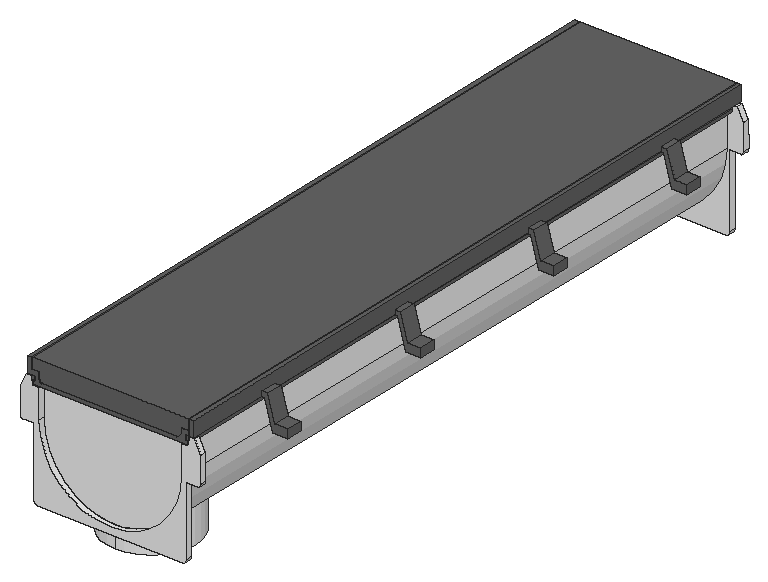
Revit family "Trench_Drain_System-Watts-Dead_Level-DX", category Plumbing Fixtures, host Face, Revit 2014
Parameters (values of type "DLX-1A")
  Width = 11 5/8"
  Waste Connection = yes
  WFU = 0
  Vent Connection = no
  URL = "http://www.watts.com"
  Region = "North America"  # constant formula
  Radius = 9" / 32  # 9/32"
  Product Page URL = "http://www.watts.com/pages/_products_details.asp?pid=7215"
  Product Documentation Link = "http://media.wattswater.com/ES-WD-DeadLevel-DX.pdf"
  Model = "DLX-1A"
  Material = "Metal-WATTS-Ductile Iron"  # constant formula
  Manufacturer Product Line = "Drainage Products"  # constant formula
  Manufacturer = "WATTS"  # constant formula
  Length = 48"
  HWFU = 0
  HW Connection = no
  Grate Material = Metal-WATTS-Ductile Iron
  Grate Array Spacing = 1 123/256"  # constant formula
  Grate Array Dist. = 123/256"
  Grate Array = (Length / Grate Array Spacing)  # 32
  Optional End Caps [instance] = no
  Country = "United States"  # constant formula
  Connection Type = "No Hub Connection"  # constant formula
  Connection Size = Connection Radius * 2  # 6"
  CWFU = 0
  Description = "Watts Dead Level DX Pre-Sloped Trench Drain System with 12 in.(305mm) wide x 48 in.(1219mm) long (standard) ductile iron frame, UV stabilized talc-filled polypropylene channels with 6 in.(152mm) No Hub Bottom or End outlet(s). System shall be frame-anchored, with (specify) grating to suit DIN Class (specify) load rating. System to include frame connectors, grate lockdowns, and construction covers. Installation to be performed in accordance with manufacturer's instructions and building code."
  Default Elevation = 0"
  Connection Radius = 3"
  CW Connection = no
  B - Height = 9.063"
  Assembly Code = "D2030"
  Anchor Lug Dist From Front = 6 1/2"
  Anchor Lug Array Spacing = 11.66667"
  Anchor Lug Array = (Length / Anchor Lug Array Spacing)  # 4
  A - Height = 8 3/4"
  -GDI Galvanized Ductile Iron = no
  -DI-ADA Ductile Iron ADA grate = no
  -DI Ductile Iron Grate = no
  - SCI Solid Cast Iron = no
  - RSS Reinforced Stainless Steel Slotted = no
  - RSP Reinforced Stainless Steel Perforated = no
  - RGS Reinforced Galvanized Slotted = no
  - RGP Reinforced Galvanized Perforated = no
Types (39): name | Model | Length | Grate Array Dist. | Grate Array | B - Height | Anchor Lug Dist From Front | Anchor Lug Array Spacing | Anchor Lug Array | A - Height
  (no name) | "DLX-1A" | 48" | 123/256" | 32 | 9.063" | 6 1/2" | 11.66667" | 4 | 8 3/4"
  DLX-1A | "DLX-1A" | 48" | 123/256" | 32 | 9.063" | 6 1/2" | 11.66667" | 4 | 8 3/4"
  DLX-2A | "DLX-2A" | 48" | 1/2" | 32 | 9 3/8" | 6 1/2" | 11.66667" | 4 | 9.063"
  DLX-3A | "DLX-3A" | 48" | 1/2" | 32 | 9.688" | 6 1/2" | 11.66667" | 4 | 9 3/8"
  DLX-4A | "DLX-4A" | 48" | 1/2" | 32 | 10" | 6 1/2" | 11.66667" | 4 | 9.688"
  DLX-5A | "DLX-5A" | 48" | 1/2" | 32 | 10.313" | 6 1/2" | 11.66667" | 4 | 10"
  DLX-AB-N12 | "DLX-AB-N12" | 12" | 1/2" | 8 | 10.313" | 2" | 8" | 2 | 10.313"
  DLX-AB-N24 | "DLX-AB-N24" | 24" | 1/2" | 16 | 10.313" | 6 1/2" | 11.66667" | 2 | 10.313"
  DLX-AB-N36 | "DLX-AB-N36" | 36" | 1/2" | 24 | 10.313" | 6 1/2" | 11.66667" | 3 | 10.313"
  DLX-AB-N48 | "DLX-AB-N48" | 48" | 1/2" | 32 | 10.313" | 6 1/2" | 11.66667" | 4 | 10.313"
  DLX-1B | "DLX-1B" | 48" | 1/2" | 32 | 10 5/8" | 6 1/2" | 11.66667" | 4 | 10.313"
  DLX-2B | "DLX-2B" | 48" | 1/2" | 32 | 10.938" | 6 1/2" | 11.66667" | 4 | 10 5/8"
  DLX-3B | "DLX-3B" | 48" | 1/2" | 32 | 11 1/4" | 6 1/2" | 11.66667" | 4 | 10.938"
  DLX-4B | "DLX-4B" | 48" | 1/2" | 32 | 11.563" | 6 1/2" | 11.66667" | 4 | 11 1/4"
  DLX-5B | "DLX-5B" | 48" | 1/2" | 32 | 11 7/8" | 6 1/2" | 11.66667" | 4 | 11.563"
  DLX-BC-N12 | "DLX-BC-N12" | 12" | 1/2" | 8 | 11 7/8" | 2" | 8" | 2 | 11 7/8"
  DLX-BC-N24 | "DLX-BC-N24" | 24" | 1/2" | 16 | 11 7/8" | 6 1/2" | 11.66667" | 2 | 11 7/8"
  DLX-BC-N36 | "DLX-BC-N36" | 36" | 1/2" | 24 | 11 7/8" | 6 1/2" | 11.66667" | 3 | 11 7/8"
  DLX-BC-N48 | "DLX-BC-N48" | 48" | 1/2" | 32 | 11 7/8" | 6 1/2" | 11.66667" | 4 | 11 7/8"
  DLX-1C | "DLX-1C" | 48" | 1/2" | 32 | 12 3/16" | 6 1/2" | 11.66667" | 4 | 11 7/8"
  DLX-2C | "DLX-2C" | 48" | 1/2" | 32 | 12 1/2" | 6 1/2" | 11.66667" | 4 | 12 3/16"
  DLX-3C | "DLX-3C" | 48" | 1/2" | 32 | 12 13/16" | 6 1/2" | 11.66667" | 4 | 12 1/2"
  DLX-AA-N48 | "DLX-AA-N48" | 48" | 123/256" | 32 | 8 3/4" | 6 1/2" | 11 171/256" | 4 | 8 3/4"
  DLX-1D | "DLX-1D" | 48" | 1/2" | 32 | 13 3/4" | 6 1/2" | 11.66667" | 4 | 13 7/16"
  DLX-1E | "DLX-1E" | 48" | 1/2" | 32 | 15 5/16" | 6 1/2" | 11.66667" | 4 | 15"
  DLX-2D | "DLX-2D" | 48" | 1/2" | 32 | 14 1/16" | 6 1/2" | 11.66667" | 4 | 13 3/4"
  DLX-2E | "DLX-2E" | 48" | 1/2" | 32 | 15 5/8" | 6 1/2" | 11.66667" | 4 | 15 5/16"
  DLX-3D | "DLX-3D" | 48" | 1/2" | 32 | 14 3/8" | 6 1/2" | 11.66667" | 4 | 14 1/16"
  DLX-3E | "DLX-3E" | 48" | 1/2" | 32 | 15 15/16" | 6 1/2" | 11.66667" | 4 | 15 5/8"
  DLX-4C | "DLX-4C" | 48" | 1/2" | 32 | 13 1/8" | 6 1/2" | 11.66667" | 4 | 13 13/16"
  DLX-4D | "DLX-4D" | 48" | 1/2" | 32 | 14 11/16" | 6 1/2" | 11.66667" | 4 | 14 3/8"
  DLX-5C | "DLX-5C" | 48" | 1/2" | 32 | 13 7/16" | 6 1/2" | 11.66667" | 4 | 13 1/8"
  DLX-5D | "DLX-5D" | 48" | 1/2" | 32 | 15" | 6 1/2" | 11.66667" | 4 | 14 11/16"
  DLX-5E | "DLX-5E" | 48" | 1/2" | 32 | 16 9/16" | 6 1/2" | 11.66667" | 4 | 16 1/4"
  DLX-CD-N12 | "DLX-CD-N12" | 12" | 1/2" | 8 | 13 7/16" | 2" | 8" | 2 | 13 7/16"
  DLX-CD-N24 | "DLX-CD-N24" | 24" | 1/2" | 16 | 13 7/16" | 6 1/2" | 11 171/256" | 2 | 13 7/16"
  DLX-CD-N36 | "DLX-CD-N36" | 36" | 1/2" | 24 | 13 7/16" | 6 1/2" | 11 171/256" | 3 | 13 7/16"
  DLX-CD-N48 | "DLX-CD-N48" | 48" | 1/2" | 32 | 13 7/16" | 6 1/2" | 11 171/256" | 4 | 13 7/16"
  DLX-DE-N48 | "DLX-DE-N48" | 48" | 1/2" | 32 | 15" | 6 1/2" | 11 171/256" | 4 | 15"
Reference planes (in)
  plane 1 "Center (Front/Back)": y = 0
  plane 2: z = 0
  plane 3 "Center (Left/Right)": x = 0
  plane 4: y = -3.56527
  plane 5: y = 44.43473
  plane 6: y = 2.93473
  plane 7: x = 5.8125
  plane 8: x = -5.8125
  plane 9: x = 5.5
  plane 10: x = -5.5
  plane 11: x = 5
  plane 12: x = -5
  plane 13: x = 7.9375
  plane 14: z = -9.1875
  plane 15: z = -8.75
  plane 16: y = -3.19027
  plane 17: y = 44.05973
  plane 18: z = -9.5005
  plane 19: z = -9.063
  plane 20: z = -8.75
  plane 21: z = -10.3125
  plane 22: x = -5.125
  plane 23: x = 5.125
  plane 24: x = -5.125
  plane 25: x = 5.125
  plane 26: z = -8.875
  plane 27: y = -1.55006
  plane 28: y = 42.43473
  plane 29: y = -3.94027
  plane 30: y = 44.80973
  plane 31: y = -5.94027
  plane 32: z = -1.41383
  plane 33: z = -4.05342
Forms (in)
  Extrusion 1, solid, material "Metal-WATTS-Ductile Iron" <- "Grate Material"
    sketch origin (0, 0, 0) x (1, 0, 0) y (0, 0, 1)
      loop
        line (-5.8125, 0) -> (-5.8125, -1.08777) -> (-5.3125, -1.08777) -> (-5.3125, -1.41383) -> (-5.44559, -1.41383) -> (-5.44559, -1.66383) -> (5.44559, -1.66383) -> (5.44559, -1.41383) -> (5.3125, -1.41383) -> (5.3125, -1.08777) -> (5.8125, -1.08777) -> (5.8125, 0) -> (5.5, 0) -> (5.5, -0.75) -> (5, -0.75) -> (5, -1.01646)
        arc (5, -1.01646) -> (4.88361, -1.29744) -> (4.60263, -1.41383) r 0.39737
        line (4.60263, -1.41383) -> (-4.75, -1.41383)
        arc (-4.75, -1.41383) -> (-4.92678, -1.3406) -> (-5, -1.16383) r 0.25
        line (-5, -1.16383) -> (-5, -0.75) -> (-5.5, -0.75) -> (-5.5, 0) -> (-5.8125, 0)
    from -44.43473 to 3.56527
  Extrusion 2, void
    sketch origin (0, 0, 0) x (1, 0, 0) y (0, 1, 0)
      loop
        line (-2.18592, 43.68473) -> (-2.18592, -2.81527) -> (2.18592, -2.81527) -> (2.18592, 43.68473) -> (-2.18592, 43.68473)
    from -1.66383 to -0.75
  Extrusion 3, solid, material "Metal-WATTS-Ductile Iron" <- "Grate Material"
    sketch origin (0, 0, 0) x (1, 0, 0) y (0, 1, 0)
      loop
        line (-5.5, 44.43473) -> (-5.5, -3.56527) -> (5.5, -3.56527) -> (5.5, 44.43473) -> (-5.5, 44.43473)
    from -1.41383 to 0
  Extrusion 4, solid, material "Plastic-WATTS-Polypropylene"
    sketch origin (-0.19171, 44.45016, -16.10465) x (1, 0, 0) y (0, 0, 1)
      loop
        line (6.08188, 14.94082) -> (5.51758, 14.94082) -> (5.51758, 14.69082) -> (5.6373, 14.69082) -> (5.6373, 14.35743) -> (5.19171, 14.35743) -> (5.19171, 12.35465)
        arc (5.19171, 12.35465) -> (0.19171, 7.35465) -> (-4.80829, 12.35465) r 5
        line (-4.80829, 12.35465) -> (-4.80829, 14.35743) -> (-5.25388, 14.35743) -> (-5.25388, 14.69082) -> (-5.13416, 14.69082) -> (-5.13416, 14.94082) -> (-5.69846, 14.94082) -> (-6.13555, 14.08297) -> (-6.13555, 12.24066)
        arc (-6.13555, 12.24066) -> (-6.07119, 12.08526) -> (-5.91578, 12.02089) r 0.21977
        line (-5.91578, 12.02089) -> (-5.16578, 12.02089) -> (-5.16578, 7.19818)
        arc (-5.16578, 7.19818) -> (-5.08347, 6.99946) -> (-4.88475, 6.91715) r 0.28103
        line (-4.88475, 6.91715) -> (5.26817, 6.91715)
        arc (5.26817, 6.91715) -> (5.46689, 6.99946) -> (5.5492, 7.19818) r 0.28103
        line (5.5492, 7.19818) -> (5.5492, 12.02089) -> (6.2992, 12.02089)
        arc (6.2992, 12.02089) -> (6.45461, 12.08526) -> (6.51897, 12.24066) r 0.21977
        line (6.51897, 12.24066) -> (6.51897, 14.08297) -> (6.08188, 14.94082)
    from 47.64043 to 48.01543
  Extrusion 5, solid, material "Plastic-WATTS-Polypropylene"
    sketch origin (-0.19171, 11.09627, -7.90863) x (0, -1, 0) y (-1, 0, 0)
      loop
        circle (11.09627, -0.19171) r 3.125
    from -3.85521 to 2.40387
  Blend 6, solid, material "Plastic-WATTS-Polypropylene"
    base sketch origin (0, 0, 0) x (1, 0, 0) y (0, 0, 1)
      loop
        line (-5.125, -1.74722) -> (-5.125, -3.75)
        arc (-5.125, -3.75) -> (0, -8.875) -> (5.125, -3.75) r 5.125
        line (5.125, -3.75) -> (5.125, -1.74722) -> (-5.125, -1.74722)
    top sketch origin (0, 0, 0) x (1, 0, 0) y (0, 0, 1)
      loop
        line (5.125, -4.063) -> (5.125, -1.74722) -> (-5.125, -1.74722) -> (-5.125, -4.063)
        arc (-5.125, -4.063) -> (0, -9.188) -> (5.125, -4.063) r 5.125
    from 3.19027 to -44.05973
  Extrusion 7, solid, material "Plastic-WATTS-Polypropylene", visible <- "Optional End Caps"
    sketch origin (0, 0, 0) x (1, 0, 0) y (0, 0, 1)
      loop
        line (-6.32726, -0.25) -> (-6.32726, -3.86399)
        arc (-6.32726, -3.86399) -> (-6.2629, -4.01939) -> (-6.10749, -4.08376) r 0.21977
        line (-6.10749, -4.08376) -> (-5.35749, -4.08376) -> (-5.35749, -8.90647)
        arc (-5.35749, -8.90647) -> (-5.27518, -9.10519) -> (-5.07646, -9.1875) r 0.28103
        line (-5.07646, -9.1875) -> (5.07646, -9.1875)
        arc (5.07646, -9.1875) -> (5.27518, -9.10519) -> (5.35749, -8.90647) r 0.28103
        line (5.35749, -8.90647) -> (5.35749, -4.08376) -> (6.10749, -4.08376)
        arc (6.10749, -4.08376) -> (6.2629, -4.01939) -> (6.32726, -3.86399) r 0.21977
        line (6.32726, -3.86399) -> (6.32726, -0.25)
        arc (6.32726, -0.25) -> (6.25404, -0.07322) -> (6.07726, 0) r 0.25
        line (6.07726, 0) -> (-6.07726, 0)
        arc (-6.07726, 0) -> (-6.25404, -0.07322) -> (-6.32726, -0.25) r 0.25
    from 3.56527 to 3.94027
  Extrusion 8, solid, material "Plastic-WATTS-Polypropylene", visible <- "Optional End Caps"
    sketch origin (0, 0, 0) x (1, 0, 0) y (0, 0, 1)
      loop
        circle (0, -5.6255) r 3
    from 3.94027 to 5.94027
  Extrusion 9, void
    sketch origin (0, 0, 0) x (1, 0, 0) y (0, 0, 1)
      loop
        circle (0, -5.6255) r 3
    from -44.80973 to -44.43473
  Extrusion 10, solid, material "Plastic-WATTS-Polypropylene"
    sketch origin (-0.19171, 92.07516, -16.10465) x (1, 0, 0) y (0, 0, 1)
      loop
        line (6.51897, 14.08297) -> (6.08188, 14.94082) -> (5.51758, 14.94082) -> (5.51758, 14.69082) -> (5.6373, 14.69082) -> (5.6373, 14.35743) -> (5.19171, 14.35743) -> (5.19171, 11.91715)
        arc (5.19171, 11.91715) -> (0.19171, 6.91715) -> (-4.80829, 11.91715) r 5
        line (-4.80829, 11.91715) -> (-4.80829, 14.35743) -> (-5.25388, 14.35743) -> (-5.25388, 14.69082) -> (-5.13416, 14.69082) -> (-5.13416, 14.94082) -> (-5.69846, 14.94082) -> (-6.13555, 14.08297) -> (-6.13555, 12.24066)
        arc (-6.13555, 12.24066) -> (-6.07119, 12.08526) -> (-5.91578, 12.02089) r 0.21977
        line (-5.91578, 12.02089) -> (-5.16528, 12.02089) -> (-5.16528, 6.8854)
        arc (-5.16528, 6.8854) -> (-5.08291, 6.68652) -> (-4.88403, 6.60415) r 0.28125
        line (-4.88403, 6.60415) -> (5.26795, 6.60415)
        arc (5.26795, 6.60415) -> (5.46683, 6.68652) -> (5.5492, 6.8854) r 0.28125
        line (5.5492, 6.8854) -> (5.5492, 12.02089) -> (6.2992, 12.02089)
        arc (6.2992, 12.02089) -> (6.45461, 12.08526) -> (6.51897, 12.24066) r 0.21977
        line (6.51897, 12.24066) -> (6.51897, 14.08297)
    from 47.64043 to 48.01543
  Extrusion 11, solid, material "Plastic-WATTS-Polypropylene", visible <- "Optional End Caps"
    sketch origin (0, 0, 0) x (1, 0, 0) y (0, 0, 1)
      loop
        line (-6.32726, -0.25) -> (-6.32726, -3.86399)
        arc (-6.32726, -3.86399) -> (-6.2629, -4.01939) -> (-6.10749, -4.08376) r 0.21977
        line (-6.10749, -4.08376) -> (-5.35749, -4.08376) -> (-5.35749, -9.21925)
        arc (-5.35749, -9.21925) -> (-5.27512, -9.41812) -> (-5.07624, -9.5005) r 0.28125
        line (-5.07624, -9.5005) -> (5.07624, -9.5005)
        arc (5.07624, -9.5005) -> (5.27512, -9.41812) -> (5.35749, -9.21925) r 0.28125
        line (5.35749, -9.21925) -> (5.35749, -4.08376) -> (6.10749, -4.08376)
        arc (6.10749, -4.08376) -> (6.2629, -4.01939) -> (6.32726, -3.86399) r 0.21977
        line (6.32726, -3.86399) -> (6.32726, -0.25)
        arc (6.32726, -0.25) -> (6.25404, -0.07322) -> (6.07726, 0) r 0.25
        line (6.07726, 0) -> (-6.07726, 0)
        arc (-6.07726, 0) -> (-6.25404, -0.07322) -> (-6.32726, -0.25) r 0.25
    from -44.80973 to -44.43473
Cuts and joins
  Extrusion 9 cuts Extrusion 4
  Extrusion 9 cuts Blend 6
  joined: Extrusion 4, Blend 6
  Extrusion 2 cuts Extrusion 1
  Extrusion 9 cuts Extrusion 5
  Extrusion 9 cuts Extrusion 7
  Extrusion 9 cuts Extrusion 8
  Extrusion 9 cuts Extrusion 11
Lines and regions (in)
  Masking region 1
    outline origin (0, 0, 0) x (1, 0, 0) y (0, 1, 0)
      loop
        line (-5.8125, -3.56527) -> (5.8125, -3.56527) -> (5.8125, 44.43473) -> (-5.8125, 44.43473) -> (-5.8125, -3.56527)
  model lines, style "PlumbingFixtures", detail levels medium+fine
    curve 1: line (-5.5, -3.56527, 0) -> (-5.5, 44.43473, 0)
    curve 2: line (5.5, 44.43473, 0) -> (5.5, -3.56527, 0)
  model lines, detail levels fine
    curve 3: line (-5, -3.19027, 0) -> (-0.375, -3.19027, 0)
    curve 4: line (-5, -2.19027, 0) -> (-5, -3.19027, 0)
    curve 5: line (-0.375, -2.19027, 0) -> (-5, -2.19027, 0)
    curve 6: line (-0.375, -3.19027, 0) -> (-0.375, -2.19027, 0)
    curve 7: line (5, -3.19027, 0) -> (0.375, -3.19027, 0)
    curve 8: line (5, -2.19027, 0) -> (5, -3.19027, 0)
    curve 9: line (0.375, -2.19027, 0) -> (5, -2.19027, 0)
    curve 10: line (0.375, -3.19027, 0) -> (0.375, -2.19027, 0)
    curve 11: line (-5, -1.7098, 0) -> (-0.375, -1.7098, 0)
    curve 12: line (-5, -0.7098, 0) -> (-5, -1.7098, 0)
    curve 13: line (-0.375, -0.7098, 0) -> (-5, -0.7098, 0)
    curve 14: line (-0.375, -1.7098, 0) -> (-0.375, -0.7098, 0)
    curve 15: line (5, -1.7098, 0) -> (0.375, -1.7098, 0)
    curve 16: line (5, -0.7098, 0) -> (5, -1.7098, 0)
    curve 17: line (0.375, -0.7098, 0) -> (5, -0.7098, 0)
    curve 18: line (0.375, -1.7098, 0) -> (0.375, -0.7098, 0)
    curve 19: line (-5, -0.22934, 0) -> (-0.375, -0.22934, 0)
    curve 20: line (-5, 0.77066, 0) -> (-5, -0.22934, 0)
    curve 21: line (-0.375, 0.77066, 0) -> (-5, 0.77066, 0)
    curve 22: line (-0.375, -0.22934, 0) -> (-0.375, 0.77066, 0)
    curve 23: line (5, -0.22934, 0) -> (0.375, -0.22934, 0)
    curve 24: line (5, 0.77066, 0) -> (5, -0.22934, 0)
    curve 25: line (0.375, 0.77066, 0) -> (5, 0.77066, 0)
    curve 26: line (0.375, -0.22934, 0) -> (0.375, 0.77066, 0)
    curve 27: line (-5, 1.25113, 0) -> (-0.375, 1.25113, 0)
    curve 28: line (-5, 2.25113, 0) -> (-5, 1.25113, 0)
    curve 29: line (-0.375, 2.25113, 0) -> (-5, 2.25113, 0)
    curve 30: line (-0.375, 1.25113, 0) -> (-0.375, 2.25113, 0)
    curve 31: line (5, 1.25113, 0) -> (0.375, 1.25113, 0)
    curve 32: line (5, 2.25113, 0) -> (5, 1.25113, 0)
    curve 33: line (0.375, 2.25113, 0) -> (5, 2.25113, 0)
    curve 34: line (0.375, 1.25113, 0) -> (0.375, 2.25113, 0)
    curve 35: line (-5, 2.7316, 0) -> (-0.375, 2.7316, 0)
    curve 36: line (-5, 3.7316, 0) -> (-5, 2.7316, 0)
    curve 37: line (-0.375, 3.7316, 0) -> (-5, 3.7316, 0)
    curve 38: line (-0.375, 2.7316, 0) -> (-0.375, 3.7316, 0)
    curve 39: line (5, 2.7316, 0) -> (0.375, 2.7316, 0)
    curve 40: line (5, 3.7316, 0) -> (5, 2.7316, 0)
    curve 41: line (0.375, 3.7316, 0) -> (5, 3.7316, 0)
    curve 42: line (0.375, 2.7316, 0) -> (0.375, 3.7316, 0)
    curve 43: line (-5, 4.21207, 0) -> (-0.375, 4.21207, 0)
    curve 44: line (-5, 5.21207, 0) -> (-5, 4.21207, 0)
    curve 45: line (-0.375, 5.21207, 0) -> (-5, 5.21207, 0)
    curve 46: line (-0.375, 4.21207, 0) -> (-0.375, 5.21207, 0)
    curve 47: line (5, 4.21207, 0) -> (0.375, 4.21207, 0)
    curve 48: line (5, 5.21207, 0) -> (5, 4.21207, 0)
    curve 49: line (0.375, 5.21207, 0) -> (5, 5.21207, 0)
    curve 50: line (0.375, 4.21207, 0) -> (0.375, 5.21207, 0)
    curve 51: line (-5, 5.69254, 0) -> (-0.375, 5.69254, 0)
    curve 52: line (-5, 6.69254, 0) -> (-5, 5.69254, 0)
    curve 53: line (-0.375, 6.69254, 0) -> (-5, 6.69254, 0)
    curve 54: line (-0.375, 5.69254, 0) -> (-0.375, 6.69254, 0)
    curve 55: line (5, 5.69254, 0) -> (0.375, 5.69254, 0)
    curve 56: line (5, 6.69254, 0) -> (5, 5.69254, 0)
    curve 57: line (0.375, 6.69254, 0) -> (5, 6.69254, 0)
    curve 58: line (0.375, 5.69254, 0) -> (0.375, 6.69254, 0)
    curve 59: line (-5, 7.17301, 0) -> (-0.375, 7.17301, 0)
    curve 60: line (-5, 8.17301, 0) -> (-5, 7.17301, 0)
    curve 61: line (-0.375, 8.17301, 0) -> (-5, 8.17301, 0)
    curve 62: line (-0.375, 7.17301, 0) -> (-0.375, 8.17301, 0)
    curve 63: line (5, 7.17301, 0) -> (0.375, 7.17301, 0)
    curve 64: line (5, 8.17301, 0) -> (5, 7.17301, 0)
    curve 65: line (0.375, 8.17301, 0) -> (5, 8.17301, 0)
    curve 66: line (0.375, 7.17301, 0) -> (0.375, 8.17301, 0)
    curve 67: line (-5, 8.65348, 0) -> (-0.375, 8.65348, 0)
    curve 68: line (-5, 9.65348, 0) -> (-5, 8.65348, 0)
    curve 69: line (-0.375, 9.65348, 0) -> (-5, 9.65348, 0)
    curve 70: line (-0.375, 8.65348, 0) -> (-0.375, 9.65348, 0)
    curve 71: line (5, 8.65348, 0) -> (0.375, 8.65348, 0)
    curve 72: line (5, 9.65348, 0) -> (5, 8.65348, 0)
    curve 73: line (0.375, 9.65348, 0) -> (5, 9.65348, 0)
    curve 74: line (0.375, 8.65348, 0) -> (0.375, 9.65348, 0)
    curve 75: line (-5, 10.13395, 0) -> (-0.375, 10.13395, 0)
    curve 76: line (-5, 11.13395, 0) -> (-5, 10.13395, 0)
    curve 77: line (-0.375, 11.13395, 0) -> (-5, 11.13395, 0)
    curve 78: line (-0.375, 10.13395, 0) -> (-0.375, 11.13395, 0)
    curve 79: line (5, 10.13395, 0) -> (0.375, 10.13395, 0)
    curve 80: line (5, 11.13395, 0) -> (5, 10.13395, 0)
    curve 81: line (0.375, 11.13395, 0) -> (5, 11.13395, 0)
    curve 82: line (0.375, 10.13395, 0) -> (0.375, 11.13395, 0)
    curve 83: line (-5, 11.61441, 0) -> (-0.375, 11.61441, 0)
    curve 84: line (-5, 12.61441, 0) -> (-5, 11.61441, 0)
    curve 85: line (-0.375, 12.61441, 0) -> (-5, 12.61441, 0)
    curve 86: line (-0.375, 11.61441, 0) -> (-0.375, 12.61441, 0)
    curve 87: line (5, 11.61441, 0) -> (0.375, 11.61441, 0)
    curve 88: line (5, 12.61441, 0) -> (5, 11.61441, 0)
    curve 89: line (0.375, 12.61441, 0) -> (5, 12.61441, 0)
    curve 90: line (0.375, 11.61441, 0) -> (0.375, 12.61441, 0)
    curve 91: line (-5, 13.09488, 0) -> (-0.375, 13.09488, 0)
    curve 92: line (-5, 14.09488, 0) -> (-5, 13.09488, 0)
    curve 93: line (-0.375, 14.09488, 0) -> (-5, 14.09488, 0)
    curve 94: line (-0.375, 13.09488, 0) -> (-0.375, 14.09488, 0)
    curve 95: line (5, 13.09488, 0) -> (0.375, 13.09488, 0)
    curve 96: line (5, 14.09488, 0) -> (5, 13.09488, 0)
    curve 97: line (0.375, 14.09488, 0) -> (5, 14.09488, 0)
    curve 98: line (0.375, 13.09488, 0) -> (0.375, 14.09488, 0)
    curve 99: line (-5, 14.57535, 0) -> (-0.375, 14.57535, 0)
    curve 100: line (-5, 15.57535, 0) -> (-5, 14.57535, 0)
    curve 101: line (-0.375, 15.57535, 0) -> (-5, 15.57535, 0)
    curve 102: line (-0.375, 14.57535, 0) -> (-0.375, 15.57535, 0)
    curve 103: line (5, 14.57535, 0) -> (0.375, 14.57535, 0)
    curve 104: line (5, 15.57535, 0) -> (5, 14.57535, 0)
    curve 105: line (0.375, 15.57535, 0) -> (5, 15.57535, 0)
    curve 106: line (0.375, 14.57535, 0) -> (0.375, 15.57535, 0)
    curve 107: line (-5, 16.05582, 0) -> (-0.375, 16.05582, 0)
    curve 108: line (-5, 17.05582, 0) -> (-5, 16.05582, 0)
    curve 109: line (-0.375, 17.05582, 0) -> (-5, 17.05582, 0)
    curve 110: line (-0.375, 16.05582, 0) -> (-0.375, 17.05582, 0)
    curve 111: line (5, 16.05582, 0) -> (0.375, 16.05582, 0)
    curve 112: line (5, 17.05582, 0) -> (5, 16.05582, 0)
    curve 113: line (0.375, 17.05582, 0) -> (5, 17.05582, 0)
    curve 114: line (0.375, 16.05582, 0) -> (0.375, 17.05582, 0)
    curve 115: line (-5, 17.53629, 0) -> (-0.375, 17.53629, 0)
    curve 116: line (-5, 18.53629, 0) -> (-5, 17.53629, 0)
    curve 117: line (-0.375, 18.53629, 0) -> (-5, 18.53629, 0)
    curve 118: line (-0.375, 17.53629, 0) -> (-0.375, 18.53629, 0)
    curve 119: line (5, 17.53629, 0) -> (0.375, 17.53629, 0)
    curve 120: line (5, 18.53629, 0) -> (5, 17.53629, 0)
    curve 121: line (0.375, 18.53629, 0) -> (5, 18.53629, 0)
    curve 122: line (0.375, 17.53629, 0) -> (0.375, 18.53629, 0)
    curve 123: line (-5, 19.01676, 0) -> (-0.375, 19.01676, 0)
    curve 124: line (-5, 20.01676, 0) -> (-5, 19.01676, 0)
    curve 125: line (-0.375, 20.01676, 0) -> (-5, 20.01676, 0)
    curve 126: line (-0.375, 19.01676, 0) -> (-0.375, 20.01676, 0)
    curve 127: line (5, 19.01676, 0) -> (0.375, 19.01676, 0)
    curve 128: line (5, 20.01676, 0) -> (5, 19.01676, 0)
    curve 129: line (0.375, 20.01676, 0) -> (5, 20.01676, 0)
    curve 130: line (0.375, 19.01676, 0) -> (0.375, 20.01676, 0)
    curve 131: line (-5, 20.49723, 0) -> (-0.375, 20.49723, 0)
    curve 132: line (-5, 21.49723, 0) -> (-5, 20.49723, 0)
    curve 133: line (-0.375, 21.49723, 0) -> (-5, 21.49723, 0)
    curve 134: line (-0.375, 20.49723, 0) -> (-0.375, 21.49723, 0)
    curve 135: line (5, 20.49723, 0) -> (0.375, 20.49723, 0)
    curve 136: line (5, 21.49723, 0) -> (5, 20.49723, 0)
    curve 137: line (0.375, 21.49723, 0) -> (5, 21.49723, 0)
    curve 138: line (0.375, 20.49723, 0) -> (0.375, 21.49723, 0)
    curve 139: line (-5, 21.9777, 0) -> (-0.375, 21.9777, 0)
    curve 140: line (-5, 22.9777, 0) -> (-5, 21.9777, 0)
    curve 141: line (-0.375, 22.9777, 0) -> (-5, 22.9777, 0)
    curve 142: line (-0.375, 21.9777, 0) -> (-0.375, 22.9777, 0)
    curve 143: line (5, 21.9777, 0) -> (0.375, 21.9777, 0)
    curve 144: line (5, 22.9777, 0) -> (5, 21.9777, 0)
    curve 145: line (0.375, 22.9777, 0) -> (5, 22.9777, 0)
    curve 146: line (0.375, 21.9777, 0) -> (0.375, 22.9777, 0)
    curve 147: line (-5, 23.45816, 0) -> (-0.375, 23.45816, 0)
    curve 148: line (-5, 24.45816, 0) -> (-5, 23.45816, 0)
    curve 149: line (-0.375, 24.45816, 0) -> (-5, 24.45816, 0)
    curve 150: line (-0.375, 23.45816, 0) -> (-0.375, 24.45816, 0)
    curve 151: line (5, 23.45816, 0) -> (0.375, 23.45816, 0)
    curve 152: line (5, 24.45816, 0) -> (5, 23.45816, 0)
    curve 153: line (0.375, 24.45816, 0) -> (5, 24.45816, 0)
    curve 154: line (0.375, 23.45816, 0) -> (0.375, 24.45816, 0)
    curve 155: line (-5, 24.93863, 0) -> (-0.375, 24.93863, 0)
    curve 156: line (-5, 25.93863, 0) -> (-5, 24.93863, 0)
    curve 157: line (-0.375, 25.93863, 0) -> (-5, 25.93863, 0)
    curve 158: line (-0.375, 24.93863, 0) -> (-0.375, 25.93863, 0)
    curve 159: line (5, 24.93863, 0) -> (0.375, 24.93863, 0)
    curve 160: line (5, 25.93863, 0) -> (5, 24.93863, 0)
    curve 161: line (0.375, 25.93863, 0) -> (5, 25.93863, 0)
    curve 162: line (0.375, 24.93863, 0) -> (0.375, 25.93863, 0)
    curve 163: line (-5, 26.4191, 0) -> (-0.375, 26.4191, 0)
    curve 164: line (-5, 27.4191, 0) -> (-5, 26.4191, 0)
    curve 165: line (-0.375, 27.4191, 0) -> (-5, 27.4191, 0)
    curve 166: line (-0.375, 26.4191, 0) -> (-0.375, 27.4191, 0)
    curve 167: line (5, 26.4191, 0) -> (0.375, 26.4191, 0)
    curve 168: line (5, 27.4191, 0) -> (5, 26.4191, 0)
    curve 169: line (0.375, 27.4191, 0) -> (5, 27.4191, 0)
    curve 170: line (0.375, 26.4191, 0) -> (0.375, 27.4191, 0)
    curve 171: line (-5, 27.89957, 0) -> (-0.375, 27.89957, 0)
    curve 172: line (-5, 28.89957, 0) -> (-5, 27.89957, 0)
    curve 173: line (-0.375, 28.89957, 0) -> (-5, 28.89957, 0)
    curve 174: line (-0.375, 27.89957, 0) -> (-0.375, 28.89957, 0)
    curve 175: line (5, 27.89957, 0) -> (0.375, 27.89957, 0)
    curve 176: line (5, 28.89957, 0) -> (5, 27.89957, 0)
    curve 177: line (0.375, 28.89957, 0) -> (5, 28.89957, 0)
    curve 178: line (0.375, 27.89957, 0) -> (0.375, 28.89957, 0)
    curve 179: line (-5, 29.38004, 0) -> (-0.375, 29.38004, 0)
    curve 180: line (-5, 30.38004, 0) -> (-5, 29.38004, 0)
    curve 181: line (-0.375, 30.38004, 0) -> (-5, 30.38004, 0)
    curve 182: line (-0.375, 29.38004, 0) -> (-0.375, 30.38004, 0)
    curve 183: line (5, 29.38004, 0) -> (0.375, 29.38004, 0)
    curve 184: line (5, 30.38004, 0) -> (5, 29.38004, 0)
    curve 185: line (0.375, 30.38004, 0) -> (5, 30.38004, 0)
    curve 186: line (0.375, 29.38004, 0) -> (0.375, 30.38004, 0)
    curve 187: line (-5, 30.86051, 0) -> (-0.375, 30.86051, 0)
    curve 188: line (-5, 31.86051, 0) -> (-5, 30.86051, 0)
    curve 189: line (-0.375, 31.86051, 0) -> (-5, 31.86051, 0)
    curve 190: line (-0.375, 30.86051, 0) -> (-0.375, 31.86051, 0)
    curve 191: line (5, 30.86051, 0) -> (0.375, 30.86051, 0)
    curve 192: line (5, 31.86051, 0) -> (5, 30.86051, 0)
    curve 193: line (0.375, 31.86051, 0) -> (5, 31.86051, 0)
    curve 194: line (0.375, 30.86051, 0) -> (0.375, 31.86051, 0)
    curve 195: line (-5, 32.34098, 0) -> (-0.375, 32.34098, 0)
    curve 196: line (-5, 33.34098, 0) -> (-5, 32.34098, 0)
    curve 197: line (-0.375, 33.34098, 0) -> (-5, 33.34098, 0)
    curve 198: line (-0.375, 32.34098, 0) -> (-0.375, 33.34098, 0)
    curve 199: line (5, 32.34098, 0) -> (0.375, 32.34098, 0)
    curve 200: line (5, 33.34098, 0) -> (5, 32.34098, 0)
    curve 201: line (0.375, 33.34098, 0) -> (5, 33.34098, 0)
    curve 202: line (0.375, 32.34098, 0) -> (0.375, 33.34098, 0)
    curve 203: line (-5, 33.82145, 0) -> (-0.375, 33.82145, 0)
    curve 204: line (-5, 34.82145, 0) -> (-5, 33.82145, 0)
    curve 205: line (-0.375, 34.82145, 0) -> (-5, 34.82145, 0)
    curve 206: line (-0.375, 33.82145, 0) -> (-0.375, 34.82145, 0)
    curve 207: line (5, 33.82145, 0) -> (0.375, 33.82145, 0)
    curve 208: line (5, 34.82145, 0) -> (5, 33.82145, 0)
    curve 209: line (0.375, 34.82145, 0) -> (5, 34.82145, 0)
    curve 210: line (0.375, 33.82145, 0) -> (0.375, 34.82145, 0)
    curve 211: line (-5, 35.30191, 0) -> (-0.375, 35.30191, 0)
    curve 212: line (-5, 36.30191, 0) -> (-5, 35.30191, 0)
    curve 213: line (-0.375, 36.30191, 0) -> (-5, 36.30191, 0)
    curve 214: line (-0.375, 35.30191, 0) -> (-0.375, 36.30191, 0)
    curve 215: line (5, 35.30191, 0) -> (0.375, 35.30191, 0)
    curve 216: line (5, 36.30191, 0) -> (5, 35.30191, 0)
    curve 217: line (0.375, 36.30191, 0) -> (5, 36.30191, 0)
    curve 218: line (0.375, 35.30191, 0) -> (0.375, 36.30191, 0)
    curve 219: line (-5, 36.78238, 0) -> (-0.375, 36.78238, 0)
    curve 220: line (-5, 37.78238, 0) -> (-5, 36.78238, 0)
    curve 221: line (-0.375, 37.78238, 0) -> (-5, 37.78238, 0)
    curve 222: line (-0.375, 36.78238, 0) -> (-0.375, 37.78238, 0)
    curve 223: line (5, 36.78238, 0) -> (0.375, 36.78238, 0)
    curve 224: line (5, 37.78238, 0) -> (5, 36.78238, 0)
    curve 225: line (0.375, 37.78238, 0) -> (5, 37.78238, 0)
    curve 226: line (0.375, 36.78238, 0) -> (0.375, 37.78238, 0)
    curve 227: line (-5, 38.26285, 0) -> (-0.375, 38.26285, 0)
    curve 228: line (-5, 39.26285, 0) -> (-5, 38.26285, 0)
    curve 229: line (-0.375, 39.26285, 0) -> (-5, 39.26285, 0)
    curve 230: line (-0.375, 38.26285, 0) -> (-0.375, 39.26285, 0)
    curve 231: line (5, 38.26285, 0) -> (0.375, 38.26285, 0)
    curve 232: line (5, 39.26285, 0) -> (5, 38.26285, 0)
    curve 233: line (0.375, 39.26285, 0) -> (5, 39.26285, 0)
    curve 234: line (0.375, 38.26285, 0) -> (0.375, 39.26285, 0)
    curve 235: line (-5, 39.74332, 0) -> (-0.375, 39.74332, 0)
    curve 236: line (-5, 40.74332, 0) -> (-5, 39.74332, 0)
    curve 237: line (-0.375, 40.74332, 0) -> (-5, 40.74332, 0)
    curve 238: line (-0.375, 39.74332, 0) -> (-0.375, 40.74332, 0)
    curve 239: line (5, 39.74332, 0) -> (0.375, 39.74332, 0)
    curve 240: line (5, 40.74332, 0) -> (5, 39.74332, 0)
    curve 241: line (0.375, 40.74332, 0) -> (5, 40.74332, 0)
    curve 242: line (0.375, 39.74332, 0) -> (0.375, 40.74332, 0)
    curve 243: line (-5, 41.22379, 0) -> (-0.375, 41.22379, 0)
    curve 244: line (-5, 42.22379, 0) -> (-5, 41.22379, 0)
    curve 245: line (-0.375, 42.22379, 0) -> (-5, 42.22379, 0)
    curve 246: line (-0.375, 41.22379, 0) -> (-0.375, 42.22379, 0)
    curve 247: line (5, 41.22379, 0) -> (0.375, 41.22379, 0)
    curve 248: line (5, 42.22379, 0) -> (5, 41.22379, 0)
    curve 249: line (0.375, 42.22379, 0) -> (5, 42.22379, 0)
    curve 250: line (0.375, 41.22379, 0) -> (0.375, 42.22379, 0)
    curve 251: line (-5, 42.70426, 0) -> (-0.375, 42.70426, 0)
    curve 252: line (-5, 43.70426, 0) -> (-5, 42.70426, 0)
    curve 253: line (-0.375, 43.70426, 0) -> (-5, 43.70426, 0)
    curve 254: line (-0.375, 42.70426, 0) -> (-0.375, 43.70426, 0)
    curve 255: line (5, 42.70426, 0) -> (0.375, 42.70426, 0)
    curve 256: line (5, 43.70426, 0) -> (5, 42.70426, 0)
    curve 257: line (0.375, 43.70426, 0) -> (5, 43.70426, 0)
    curve 258: line (0.375, 42.70426, 0) -> (0.375, 43.70426, 0)
Dimensions and locks (in)
  "Length": plane 5 to plane 4  (x2)
  plane 8 to plane 7 = 11 5/8"
  plane 10 to plane 9 = 11"
  plane 12 to plane 11 = 10"
  "A - Height": plane 2 to plane 15
  locked: plane 15 to plane 14 at 0.4375
  locked: Extrusion 4 sketch curve to plane 15 at 5
  locked: plane 6 to plane 4 at 6.5
  locked: plane 16 to plane 4 at 0.375
  locked: plane 5 to plane 17 at 0.375
  locked: plane 19 to plane 18 at 0.4375
  "B - Height": plane 2 to plane 19
  locked: plane 2 to Extrusion 4 sketch curve at 4.08376
  locked: plane 2 to Extrusion 4 sketch curve at 2.02168  (x2)
  locked: plane 2 to Extrusion 4 sketch curve at 1.16383
  Extrusion 4 sketch curve to Extrusion 4 sketch curve to Extrusion 4 sketch curve = 1/4" locked, 0.33339" locked
  locked: plane 14 to plane 21 at 1.125
  locked: plane 22 to plane 12 at 0.125
  locked: plane 23 to plane 11 at 0.125
  locked: plane 24 to plane 12 at 0.125
  locked: plane 25 to plane 11 at 0.125
  locked: Blend 6 sketch curve to plane 19 at 5
  locked: plane 15 to plane 26 at 0.125
  locked: Blend 6 sketch curve to plane 26 at 5.125
  locked: plane 27 to plane 4 at 2.01521
  locked: plane 5 to plane 28 at 2
  locked: plane 4 to plane 29 at 0.375
  locked: plane 30 to plane 5 at 0.375
  locked: plane 29 to plane 31 at 2
  Extrusion 10 sketch curve to Extrusion 10 sketch curve to Extrusion 10 sketch curve = 1/4" locked, 0.33339" locked
  locked: Extrusion 10 sketch curve to plane 18 at 5.313
  locked: plane 2 to Extrusion 10 sketch curve at 1.16383
  locked: Extrusion 10 sketch curve to Extrusion 10 sketch curve at 0.85786
  locked: Extrusion 10 sketch curve to Extrusion 10 sketch curve at 2.91993
  locked: plane 2 to Extrusion 10 sketch curve at 2.02168
  locked: Extrusion 8 sketch curve to plane 19 at 3.4375
  locked: curve 3 to plane 4 at 0.375
  locked: curve 3 to curve 5 at 1
  locked: curve 11 to curve 13 at 1
  equal spacing: group 1, group 2, group 3, group 4, group 5, group 6, group 7, group 8, group 11, group 12, group 13, group 14, group 15, group 16, group 17, group 18, group 19, group 20, group 21, group 22, group 23, group 24, group 25, group 26, group 28, group 29, group 30, group 31, group 32, group 33, group 34, group 35  (x3)
  "Grate Array Dist.": curve 11 to curve 5
  locked: curve 19 to curve 21 at 1
  locked: curve 27 to curve 29 at 1
  locked: curve 35 to curve 37 at 1
  locked: curve 43 to curve 45 at 1
  locked: curve 51 to curve 53 at 1
  locked: curve 59 to curve 61 at 1
  "Anchor Lug Dist From Front": nested 1 to plane 4
  equal spacing: group 9, group 10, group 27, group 36  (x3)
  "Anchor Lug Array Spacing": nested 1 to nested 2
  locked: curve 67 to curve 69 at 1
  locked: curve 75 to curve 77 at 1
  locked: curve 83 to curve 85 at 1
  locked: curve 91 to curve 93 at 1
  locked: curve 99 to curve 101 at 1
  locked: curve 107 to curve 109 at 1
  locked: curve 115 to curve 117 at 1
  locked: curve 123 to curve 125 at 1
  locked: curve 131 to curve 133 at 1
  locked: curve 139 to curve 141 at 1
  locked: curve 147 to curve 149 at 1
  locked: curve 155 to curve 157 at 1
  locked: curve 163 to curve 165 at 1
  locked: curve 171 to curve 173 at 1
  locked: curve 179 to curve 181 at 1
  locked: curve 187 to curve 189 at 1
  locked: curve 195 to curve 197 at 1
  locked: curve 203 to curve 205 at 1
  locked: curve 211 to curve 213 at 1
  locked: curve 219 to curve 221 at 1
  locked: curve 227 to curve 229 at 1
  locked: curve 235 to curve 237 at 1
  locked: curve 243 to curve 245 at 1
  locked: curve 251 to curve 253 at 1
  locked: plane 10 to Extrusion 1 sketch curve at 0.1875
  locked: plane 9 to Extrusion 1 sketch curve at 0.1875
  locked: plane 10 to Extrusion 1 sketch curve at 0.05441
  locked: plane 9 to Extrusion 1 sketch curve at 0.05441
  locked: plane 32 to Extrusion 1 sketch curve at 0.25
  locked: plane 2 to Extrusion 1 sketch curve at 0.75  (x2)
  locked: plane 2 to Extrusion 1 sketch curve at 1.08777  (x2)
  "Radius": radius of Extrusion 10 sketch curve  (x2)
  "Radius": radius of Extrusion 11 sketch curve  (x2)
  aligned and locked: plane 2 to host face
  aligned and locked: level to host face
  aligned and locked: plane 14 to Extrusion 4 sketch curve
  aligned and locked: Extrusion 4 to plane 4
  aligned and locked: plane 1 "Center (Front/Back)" to Extrusion 5 sketch curve
  aligned and locked: plane 16 to Extrusion 4
  aligned and locked: Extrusion 4 sketch curve to Extrusion 4 sketch curve  (x4)
  aligned and locked: Extrusion 5 to plane 21
  aligned and locked: Extrusion 1 to plane 4
  aligned and locked: plane 5 to Extrusion 1
  aligned and locked: plane 23 to Blend 6 sketch curve
  aligned and locked: Blend 6 sketch curve to plane 22
  aligned and locked: Extrusion 4 to Blend 6 sketch curve
  aligned and locked: Blend 6 sketch curve to plane 25
  aligned and locked: Blend 6 sketch curve to plane 24
  aligned and locked: Blend 6 to plane 17
  aligned and locked: Blend 6 to Extrusion 4
  aligned and locked: Blend 6 sketch curve to cut or joined group of Extrusion 4, Blend 6, Extrusion 9
  aligned and locked: Extrusion 7 sketch curve to cut or joined group of Extrusion 4, Blend 6, Extrusion 9  (x7)
  aligned and locked: Extrusion 7 sketch curve to plane 2
  aligned and locked: plane 4 to Extrusion 7
  aligned and locked: plane 29 to Extrusion 7
  aligned and locked: Extrusion 8 to plane 29
  aligned and locked: plane 31 to Extrusion 8
  aligned and locked: Extrusion 9 sketch curve to Extrusion 8
  aligned and locked: Extrusion 9 to plane 5
  aligned and locked: plane 30 to Extrusion 9
  aligned and locked: Extrusion 10 sketch curve to Extrusion 10 sketch curve  (x4)
  aligned and locked: plane 18 to Extrusion 10 sketch curve
  aligned and locked: Extrusion 10 sketch curve to cut or joined group of Extrusion 7, Extrusion 9
  aligned and locked: cut or joined group of Extrusion 7, Extrusion 9 to Extrusion 10 sketch curve
  aligned and locked: plane 17 to Extrusion 10
  aligned and locked: plane 5 to Extrusion 10
  aligned and locked: Extrusion 10 sketch curve to cut or joined group of Extrusion 4, Blend 6, Extrusion 9
  aligned and locked: Extrusion 11 sketch curve to plane 2
  aligned and locked: Extrusion 11 sketch curve to cut or joined group of Extrusion 7, Extrusion 9  (x6)
  aligned and locked: Extrusion 11 sketch curve to plane 18
  aligned and locked: plane 30 to Extrusion 11
  aligned and locked: Extrusion 11 to plane 5
  aligned and locked: plane 7 to Masking region 1 sketch curve
  aligned and locked: plane 3 "Center (Left/Right)" to nested 1
  aligned and locked: plane 32 to Extrusion 3
  aligned and locked: plane 2 to Extrusion 3
  aligned and locked: plane 5 to Extrusion 3
  aligned and locked: Extrusion 3 to plane 4
  aligned and locked: plane 9 to Extrusion 3
  aligned and locked: plane 10 to Extrusion 3
  aligned and locked: plane 33 to Extrusion 5
  aligned and locked: Extrusion 1 sketch curve to plane 7
  aligned and locked: Extrusion 1 sketch curve to plane 9
  aligned and locked: Extrusion 1 sketch curve to plane 11
  aligned and locked: plane 10 to Extrusion 1 sketch curve
  aligned and locked: plane 8 to Extrusion 1 sketch curve
  aligned and locked: plane 12 to Extrusion 1 sketch curve
  aligned and locked: plane 32 to Extrusion 1 sketch curve  (x2)
  aligned and locked: Extrusion 1 sketch curve to plane 32
  aligned and locked: plane 2 to Extrusion 1 sketch curve
  aligned and locked: Extrusion 1 sketch curve to plane 2
Automatic sketch dimensions
  host sketch curve to host sketch curve = 96"  (x2)
  plane 12 to Extrusion 4 sketch curve = 0"
  Extrusion 4 sketch curve to plane 3 "Center (Left/Right)" = 0"
  plane 12 to Extrusion 4 sketch curve = 0.07646"
  Extrusion 4 sketch curve to plane 10 = 0.17413"
  Extrusion 4 sketch curve to plane 10 = 0.14251"
  Extrusion 4 sketch curve to plane 10 = 0.05441"
  plane 8 to Extrusion 4 sketch curve = 0.07767"
  plane 8 to Extrusion 4 sketch curve = 0.29499"
  plane 8 to Extrusion 4 sketch curve = 0.51476"
  plane 11 to Extrusion 4 sketch curve = 0.07646"
  Extrusion 4 sketch curve to plane 9 = 0.17413"
  Extrusion 4 sketch curve to plane 9 = 0.14251"
  Extrusion 4 sketch curve to plane 9 = 0.05441"
  plane 7 to Extrusion 4 sketch curve = 0.07767"
  plane 7 to Extrusion 4 sketch curve = 0.29499"
  plane 7 to Extrusion 4 sketch curve = 0.51476"
  Extrusion 5 sketch curve to plane 3 "Center (Left/Right)" = 0"
  Extrusion 8 sketch curve to plane 3 "Center (Left/Right)" = 0"
  plane 16 to Extrusion 2 sketch curve = 3/8"
  Extrusion 2 sketch curve to plane 3 "Center (Left/Right)" = 2.18592"
  plane 3 "Center (Left/Right)" to Extrusion 2 sketch curve = 2.18592"
  plane 17 to Extrusion 2 sketch curve = 3/8"
  Extrusion 3 sketch curve to plane 10 = 0"
  Extrusion 3 sketch curve to plane 9 = 0"
  plane 4 to Extrusion 3 sketch curve = 0"
  plane 5 to Extrusion 3 sketch curve = 0"
  level to Extrusion 7 sketch curve = 1/4"  (x2)
  curve 1 to plane 5 = 0"
  curve 1 to plane 10 = 0"
  curve 2 to plane 4 = 0"
  curve 2 to plane 9 = 0"
  curve 1 to plane 4 = 0"
  curve 2 to plane 5 = 0"
  plane 12 to Extrusion 10 sketch curve = 0"
  Extrusion 10 sketch curve to plane 3 "Center (Left/Right)" = 0"
  Extrusion 10 sketch curve to Extrusion 10 sketch curve = 0.21977"  (x2)
  plane 8 to Extrusion 10 sketch curve = 0.07767"
  Extrusion 10 sketch curve to plane 10 = 0.05441"
  Extrusion 10 sketch curve to plane 10 = 0.14301"
  Extrusion 10 sketch curve to Extrusion 10 sketch curve = 0.11971"
  Extrusion 10 sketch curve to plane 9 = 0.17413"
  Extrusion 10 sketch curve to plane 9 = 0.05441"
  plane 7 to Extrusion 10 sketch curve = 0.07767"
  plane 8 to Extrusion 11 sketch curve = 0.29499"
  level to Extrusion 11 sketch curve = 1/4"  (x2)
  plane 7 to Extrusion 11 sketch curve = 0.29499"
  Masking region 1 sketch curve to plane 5 = 0"
  Masking region 1 sketch curve to plane 8 = 0"
  Masking region 1 sketch curve to plane 4 = 0"
  Extrusion 1 sketch curve to Extrusion 1 sketch curve = 1/4"
  Extrusion 1 sketch curve to plane 11 = 0.39737"
  radius of Extrusion 5 sketch curve = 3 1/8"
  radius of Extrusion 8 sketch curve = 3"
Nested families (in)
  nested 1: "Anchor Lug - DX" at (0, 2.93473, 0), type "Anchor Lug - DX"
  nested 2: "Anchor Lug - DX" at (0, 14.60139, 0), type "Anchor Lug - DX"
  nested 3: "Anchor Lug - DX" at (0, 26.26806, 0), type "Anchor Lug - DX"
  nested 4: "Anchor Lug - DX" at (0, 37.93473, 0), type "Anchor Lug - DX"
Connectors (in)
  piping at (0, 0, -10.3125), diameter 6, driven by "Connection Radius"
    settings: on cut or joined group of Extrusion 5, Extrusion 9, index 1, connector inside diameter 24", connector length 0", flow factor 0, pipe flow 0 GPM, pressure drop 0.00 psi, fitting loss kfactor 0, connector angle 0.00°, fixture units 0, engagement length 0", angle of deflection 0.00°, flow configuration 0, flow direction 2, fitting loss method 0, system type 16, joint type 0, gender type 0, connector reference index -1, connector utility 0, adjustable connector no, is connector primary yes, connector description "6\" Outlet Connection"
Definition of nested family "Anchor Lug - DX"
  Parameters (values of type "Anchor Lug - DX")
    Waste Connection = no
    Vent Connection = no
    URL = "http://www.watts.com"
    Revised Date = ""
    Model = "Anchor Lug"
    Material = "Metal-WATTS-Ductile Iron"
    Manufacturer = "WATTS"
    HW Connection = no
    Grate Material = Metal-WATTS-Ductile Iron
    Description = "Anchor Lug"
    Default Elevation = 0"
    Creation Date = ""
    CW Connection = no
  Reference planes (in)
    plane 1 "Center (Front/Back)": y = 0
    plane 2: z = 0
    plane 3 "Center (Left/Right)": x = 0
    plane 4: z = -3.125
    plane 5: z = -2.5
    plane 6: x = 7.8125
    plane 7: x = 5
    plane 8: x = -5
  Forms (in)
    Extrusion 1, solid, material "Metal-WATTS-Ductile Iron" <- "Grate Material"
      sketch origin (0, 78.11635, 0) x (1, 0, 0) y (0, 0, 1)
        loop
          line (5.6875, -0.75) -> (5.6875, -1.08777) -> (6.0509, -1.08777) -> (6.63506, -3.125) -> (7.6875, -3.125) -> (7.6875, -2.5) -> (6.78064, -2.5) -> (6.27883, -0.75) -> (5.6875, -0.75)
        loop
          line (-5.6875, -0.75) -> (-6.27883, -0.75) -> (-6.78064, -2.5) -> (-7.6875, -2.5) -> (-7.6875, -3.125) -> (-6.63506, -3.125) -> (-6.0509, -1.08777) -> (-5.6875, -1.08777) -> (-5.6875, -0.75)
      from 77.56634 to 78.66636
